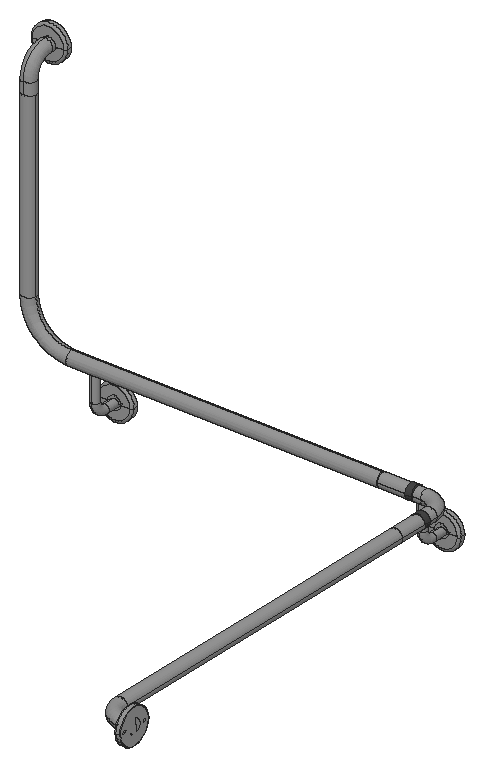
Revit family "rba-bim-rba4091-113", category Plumbing Fixtures, Revit 2016
Family settings
  Part Type = Normal
  Round Connector Dimension = Use Diameter
  Work Plane-Based = No
  Always vertical = Yes
  Cut with Voids When Loaded = No
  Shared = No
  Room Calculation Point = No
Parameters (values of type "RBA4091-113")
  Watermarked By = "www.rba.com.au"
  URL = "http://www.rba.com.au/accessible-disabled/grab-rails"
  R_Void [instance] = 15.00 mm
  R [instance] = 0.00 mm
  Phone Number = "1300 788 778"
  Modified Issue = "20190108.01"
  Model = "RBA4091-113"
  Materials and Finishes = Stainless Steel, Satin Finish
  Manufacturer Model = ""
  Manufacturer = "RBA Group"
  Description = "Modular 90° Wraparound Grab Rail, Right Hand"
  Copyrighted by = "RBA Group"  # constant formula
  Assembly Code = ""
Reference planes
  plane 1 "Center (Front/Back)": y = 0
  plane 2: z = 0
  plane 3: z = -100
  plane 4: z = -100
  plane 5: x = -754.5
  plane 6: z = 600
  plane 7: z = 16
  plane 8: z = -16
  plane 9: y = -71
  plane 10: y = -87
  plane 11: y = -55
  plane 12: y = -80.5
  plane 13: y = -61.5
  plane 14: z = 570
  plane 15: z = 630
  plane 16: x = -1834.5
  plane 17: x = -1774.5
  plane 18: z = -130
  plane 19: z = -70
  plane 20: x = -851.5
  plane 21: x = -911.5
  plane 22: x = -825.5
  plane 23: x = -809.5
  plane 24: x = -841.5
  plane 25: z = -30
  plane 26: z = 30
  plane 27: y = -1105
  plane 28: y = -1045
  plane 29: x = -1804.5
  plane 30: z = -130
  plane 31: z = -70
  plane 32: x = -1619.5
  plane 33: x = -1679.5
  plane 34: x = -1788.5
  plane 35: x = -901.2
  plane 36: y = -1075
  plane 37: y = -146.7
Forms (mm)
  Extrusion 1, solid, material "Stainless Steel, Satin Finish" <- "Materials and Finishes"
    sketch origin (-1804.5, -2.628, 915.907) x (0, 0, -1) y (-1, 0, 0)
      loop
        circle (315.907, 0) r 40
    from -0.219 to 2.628
  Extrusion 2, void
    sketch origin (-1804.5, 34.941, 915.907) x (0, 0, -1) y (-1, 0, 0)
      loop
        circle (315.907, 30) r 5
      loop
        circle (315.907, -30) r 5
    from -37.788 to -30
  Extrusion 3, solid, material "Stainless Steel, Satin Finish" <- "Materials and Finishes"
    sketch origin (-1804.5, -2.628, 915.907) x (0, 0, -1) y (-1, 0, 0)
      loop
        circle (315.907, 0) r 40
    from -0.219 to 2.628
  Extrusion 4, solid, material "Stainless Steel, Satin Finish" <- "Materials and Finishes"
    sketch origin (-1804.5, -2.628, 915.907) x (0, 0, -1) y (-1, 0, 0)
      loop
        circle (315.907, 0) r 40
    from -0.219 to 2.628
  Sweep 5, solid, material "Stainless Steel, Satin Finish" <- "Materials and Finishes"
    path origin (-1104.5, 12.454, 600) x (0, -1, 0) y (0, 0, 1)
      loop
        line (12.454, 0) -> (35.454, 0)
        arc (35.454, 0) -> (69.395, -14.059) -> (83.454, -48) r 48
        line (83.454, -48) -> (83.454, -76)
    profile origin (-1104.5, -11.5, 600) x (0, 0, 1) y (-1, 0, 0)
      loop
        circle (0, 700) r 16
  Revolve 6, solid, material "Stainless Steel, Satin Finish" <- "Materials and Finishes"
    sketch origin (-1804.5, 18.663, 600) x (0, -1, 0) y (1, 0, 0)
      loop
        line (18.663, 0) -> (33.326, 0) -> (33.326, 16) -> (32.842, 36.617)
        arc (32.842, 36.617) -> (31.337, 40.077) -> (27.844, 41.5) r 5
        line (27.844, 41.5) -> (18.663, 41.5) -> (18.663, 0)
      axis (18.663, 0) -> (33.326, 0)
    angle from 0 to 360
  Extrusion 7, solid, material "Stainless Steel, Satin Finish" <- "Materials and Finishes"
    sketch origin (-881.5, -2.628, 215.907) x (0, 0, -1) y (-1, 0, 0)
      loop
        circle (315.907, 0) r 40
    from -0.219 to 2.628
  Revolve 8, solid, material "Stainless Steel, Satin Finish" <- "Materials and Finishes"
    sketch origin (-881.5, 18.663, -100) x (0, -1, 0) y (1, 0, 0)
      loop
        line (18.663, 0) -> (18.663, -41.5) -> (27.844, -41.5)
        arc (27.844, -41.5) -> (31.337, -40.077) -> (32.842, -36.617) r 5
        line (32.842, -36.617) -> (33.326, -16) -> (33.326, 0) -> (18.663, 0)
      axis (18.663, 0) -> (33.326, 0)
    angle from 0 to 360
  Sweep 9, solid, material "Stainless Steel, Satin Finish" <- "Materials and Finishes"
    path origin (-881.5, 12.454, -100) x (0, -1, 0) y (0, 0, -1)
      loop
        line (12.454, 0) -> (55.454, 0)
        arc (55.454, 0) -> (75.253, -8.201) -> (83.454, -28) r 28
        line (83.454, -28) -> (83.454, -100)
    profile origin (-881.5, -21.5, -100) x (0, 0, -1) y (1, 0, 0)
      loop
        circle (0, 0) r 9.5
  Extrusion 10, void
    sketch origin (-881.5, 34.941, 215.907) x (0, 0, -1) y (-1, 0, 0)
      loop
        circle (315.907, -30) r 5
      loop
        circle (315.907, 30) r 5
    from -37.788 to -30
  Revolve 11, solid, material "Stainless Steel, Satin Finish" <- "Materials and Finishes"
    sketch origin (-735.837, -1075, 0) x (-1, 0, 0) y (0, -1, 0)
      loop
        line (18.663, 0) -> (18.663, -41.5) -> (27.844, -41.5)
        arc (27.844, -41.5) -> (31.337, -40.077) -> (32.842, -36.617) r 5
        line (32.842, -36.617) -> (33.326, -16) -> (33.326, 0) -> (18.663, 0)
      axis (18.663, 0) -> (33.326, 0)
    angle from 0 to 360
  Sweep 12, solid, material "Stainless Steel, Satin Finish" <- "Materials and Finishes"
    path origin (-742.046, -1075, 0) x (-1, 0, 0) y (0, -1, 0)
      loop
        line (12.454, 0) -> (35.454, 0)
        arc (35.454, 0) -> (69.395, -14.059) -> (83.454, -48) r 48
        line (83.454, -48) -> (83.454, -854)
    profile origin (-766, -1075, 0) x (0, -1, 0) y (0, 0, 1)
      loop
        circle (0, 0) r 16
  Extrusion 13, solid, material "Stainless Steel, Satin Finish" <- "Materials and Finishes"
    sketch origin (-757.128, -1075, 315.907) x (0, 0, -1) y (0, 1, 0)
      loop
        circle (315.907, 0) r 40
    from -0.219 to 2.628
  Extrusion 14, void
    sketch origin (-719.559, -1075, 315.907) x (0, 0, -1) y (0, 1, 0)
      loop
        circle (315.907, -30) r 5
      loop
        circle (315.907, 30) r 5
    from -37.788 to -34.941
  Extrusion 15, solid, material "Stainless Steel, Satin Finish" <- "Materials and Finishes"
    sketch origin (-757.128, -1075, 315.907) x (0, 0, -1) y (0, 1, 0)
      loop
        circle (315.907, 0) r 40
    from -0.219 to 2.628
  Sweep 16, solid, material "Stainless Steel, Satin Finish" <- "Materials and Finishes"
    path origin (-1509, 0, 0) x (-1, 0, 0) y (0, 0, -1)
      loop
        line (295.5, -524) -> (295.5, -100)
        arc (295.5, -100) -> (266.211, -29.289) -> (195.5, 0) r 100
        line (195.5, 0) -> (-533.5, 0)
    profile origin (-1804.5, 0, 312) x (0, -1, 0) y (1, 0, 0)
      loop
        circle (71, 0) r 16
  Sweep 17, solid, material "Stainless Steel, Satin Finish" <- "Materials and Finishes"
    path origin (-1509, 0, 0) x (-1, 0, 0) y (0, -1, 0)
      loop
        line (-683.5, 221) -> (-683.5, 119)
        arc (-683.5, 119) -> (-669.441, 85.059) -> (-635.5, 71) r 48
        line (-635.5, 71) -> (-533.5, 71)
    profile origin (-839.559, -85.059, 0) x (-0.707107, -0.707107, 0) y (0, 0, 1)
      loop
        circle (0, 0) r 16
  Revolve 18, solid, material "Stainless Steel, Black"
    sketch origin (-1505.837, 0, 0) x (-1, 0, 0) y (0, -1, 0)
      loop
        line (-612.137, 54) -> (-597.137, 54) -> (-597.137, 71) -> (-612.137, 71) -> (-612.137, 54)
      axis (-612.137, 71) -> (-597.137, 71)
    angle from 0 to 360
  Revolve 19, solid, material "Stainless Steel, Black"
    sketch origin (-754.5, 457.937, 0) x (0, 1, 0) y (-1, 0, 0)
      loop
        line (-612.137, 54) -> (-597.137, 54) -> (-597.137, 71) -> (-612.137, 71) -> (-612.137, 54)
      axis (-612.137, 71) -> (-597.137, 71)
    angle from 0 to 360
  Extrusion 20, solid, material "Stainless Steel, Satin Finish" <- "Materials and Finishes"
    sketch origin (-1649.5, -2.628, 215.907) x (0, 0, -1) y (-1, 0, 0)
      loop
        circle (315.907, 0) r 40
    from -0.219 to 2.628
  Revolve 21, solid, material "Stainless Steel, Satin Finish" <- "Materials and Finishes"
    sketch origin (-1649.5, 18.663, -100) x (0, -1, 0) y (1, 0, 0)
      loop
        line (18.663, 0) -> (18.663, -41.5) -> (27.844, -41.5)
        arc (27.844, -41.5) -> (31.337, -40.077) -> (32.842, -36.617) r 5
        line (32.842, -36.617) -> (33.326, -16) -> (33.326, 0) -> (18.663, 0)
      axis (18.663, 0) -> (33.326, 0)
    angle from 0 to 360
  Sweep 22, solid, material "Stainless Steel, Satin Finish" <- "Materials and Finishes"
    path origin (-1649.5, 12.454, -100) x (0, -1, 0) y (0, 0, -1)
      loop
        line (12.454, 0) -> (55.454, 0)
        arc (55.454, 0) -> (75.253, -8.201) -> (83.454, -28) r 28
        line (83.454, -28) -> (83.454, -100)
    profile origin (-1649.5, -21.5, -100) x (0, 0, -1) y (1, 0, 0)
      loop
        circle (0, 0) r 9.5
  Extrusion 23, void
    sketch origin (-1649.5, 34.941, 215.907) x (0, 0, -1) y (-1, 0, 0)
      loop
        circle (315.907, -30) r 5
      loop
        circle (315.907, 30) r 5
    from -37.788 to -30
Cuts and joins
  Extrusion 2 cuts Extrusion 1
  Extrusion 2 cuts Extrusion 3
  Extrusion 2 cuts Extrusion 4
  Extrusion 2 cuts Revolve 6
  Extrusion 10 cuts Extrusion 7
  Extrusion 10 cuts Revolve 8
  Extrusion 14 cuts Revolve 11
  Extrusion 14 cuts Extrusion 13
  Extrusion 14 cuts Extrusion 15
  Extrusion 23 cuts Extrusion 20
  Extrusion 23 cuts Revolve 21
Dimensions and locks
  plane 15 to plane 14 = 60.00 mm
  plane 16 to plane 17 = 60.00 mm
  Revolve 6 sketch curve to Revolve 6 sketch curve = 41.50 mm
  Revolve 8 sketch curve to Revolve 8 sketch curve = 41.50 mm
  plane 19 to plane 18 = 60.00 mm
  plane 21 to plane 20 = 60.00 mm
  Revolve 11 sketch curve to Revolve 11 sketch curve = 41.50 mm
  plane 26 to plane 25 = 60.00 mm
  plane 28 to plane 27 = 60.00 mm
  Revolve 21 sketch curve to Revolve 21 sketch curve = 41.50 mm
  plane 31 to plane 30 = 60.00 mm
  plane 33 to plane 32 = 60.00 mm
  radius of Extrusion 1 sketch curve = 40.00 mm
  radius of Extrusion 3 sketch curve = 40.00 mm
  radius of Extrusion 4 sketch curve = 40.00 mm
  radius of Sweep 5 sketch curve = 16.00 mm
  radius of Extrusion 7 sketch curve = 40.00 mm
  radius of Sweep 9 sketch curve = 9.50 mm
  radius of Sweep 12 sketch curve = 16.00 mm
  radius of Extrusion 13 sketch curve = 40.00 mm
  radius of Extrusion 15 sketch curve = 40.00 mm
  radius of Extrusion 20 sketch curve = 40.00 mm
  radius of Sweep 22 sketch curve = 9.50 mm
  aligned and locked: Revolve 8 to Extrusion 7
  aligned and locked: Revolve 21 to Extrusion 20
